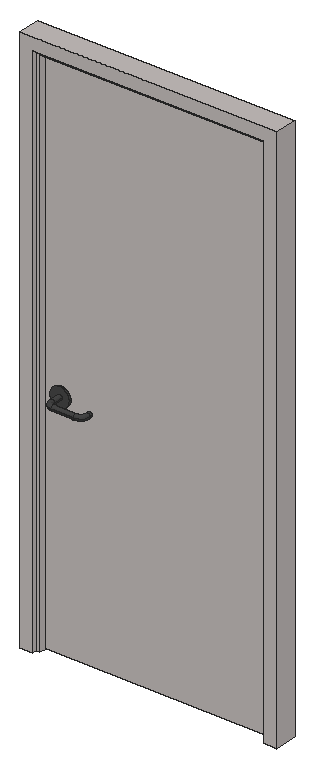
Revit family "Galaxy-Metal-Doors_Single", category Doors, host Wall, Revit 2026
Family settings
  Host = Wall
  Classification Number = 23.30.10.14.11
  Always vertical = Yes
  Cut with Voids When Loaded = No
  Shared = No
  Room Calculation Point = No
Parameters (values of type "ByType")
  Wind Load = ""
  Water Penetration = ""
  Stop Depth = 0' - 0 5/8"
  Sound Transmission Class (STC) = 0
  RO Offset = 0' - 0"
  Panel Type [instance] = Door-Panel_Galaxy-Metal-Doors_Flush : Door-Panel_Galaxy-Metal-Doors_Flush
  Panel Height = Height  # 7' - 0"
  Hardware Finish = Metal - Stainless Steel - Galaxy - Brushed
  Handle Type [instance] = Handle_Generic Lever : Handle_Generic Lever
  Handle Height [instance] = 3' - 0"
  Function = Interior
  Frame Width = 0' - 2"
  Frame Thickness = 0' - 3 1/2"
  Frame Finish = Metal - Steel - Galaxy - Primed
  Door Glazing = Glass - Clear - Galaxy - Tempered
  Building Code Conformance = ""
  Back Rabbet Depth = Thickness + 0' 0 3/16"  # 0' - 1 15/16"
  Air Infiltration = ""
  ASTM Conformance = ""
  Panel Width = Width  # 3' - 0"
  Panel Material = Metal - Steel - Galaxy - Primed
  Manufacturer Phone = "800-294-8199"
  Warranty Duration (Years) = 0
  URL = "galaxymetalproducts.com"
  Thickness = 0' - 1 3/4"
  Test Data = ""
  Specification = "http://www.arcat.com/sd/clients/galaxyme.html?coid=48404"
  SpecWizard = ""
  Send Message = "http://www.arcat.com/arcatcos/cos48/arc48404.html"
  Sales Information = "http://www.arcat.com/arcatcos/cos48/arc48404.html"
  Rough Width = (Width + (RO Offset * 2))  # 3' - 0"
  Rough Height = (Height + (RO Offset))  # 7' - 0"
  R_Value = 0
  Product Properties = ""
  Product Data = "http://www.arcat.com/arcatcos/cos48/arc48404.html"
  Manufacturer Website = "http://galaxymetalproducts.com/"
  Manufacturer Phone - Toll Free = "800-294-8199"
  Manufacturer Fax = ""
  Manufacturer Address = "2960 Woodbridge Ave. Edison, NJ 08837"
  Maintenance Schedule (Months) = 0
  Installation-Fabrication = ""
  Installation Phase = ""
  Green Building-LEED = "http://www.arcat.com/green/clients/leed_data_48404.html"
  Model = "As Specified"
  Manufacturer = "Galaxy Metal Products, LLC"
  Keynote = "08 11 10"
  Height = 7' - 0"
  Wall Closure = By host
  Width = 3' - 0"
  Fire Rating = "As Specified in 08110"
  Expected Lifespan (Years) = 0
  Drawn By = "Sumex Design, Inc. / Robert S. Weygant, CSI, CDT, SCIP"
  Description = "Galaxy Steel Door as Specified"
  Copyright = "©Arcat Inc."
  Construction Details = "http://www.arcat.com/details/galaxyme/prod3845.html"
  Building Codes = ""
  Assembly Code = "B2030220"
  ADA Compliant = yes
  AAMA Designation = ""
Reference planes (in)
  plane 1 "Center (Front/Back)": y = -33.96225
  plane 2 "Center (Left/Right)": x = 62.28704
  plane 3: z = 0
  plane 4 "Right": x = 82.28704
  plane 5 "Left": x = 42.28704
  plane 6 "Closure": y = -35.96225
  plane 7: z = 0
  plane 8 "Top of Frame": z = 86
  plane 9 "RO Top": z = 86
  plane 10 "RO Right": x = 82.28704
  plane 11 "RO Left": x = 42.28704
  plane 12 "Frame Ext": y = -32.21225
  plane 13 "Frame Int": y = -35.71225
  plane 14: x = 80.28704
  plane 15: z = 84
  plane 16: x = 44.28704
  plane 17: y = -33.96225
  plane 18: z = 36
Forms (in)
  Sweep 1, solid, material "Metal - Steel - Galaxy - Primed" <- "Frame Finish"
    path origin (0, -33.96225, 0) x (1, 0, 0) y (0, 0, 1)
      loop
        line (82.28704, 0) -> (82.28704, 86) -> (42.28704, 86) -> (42.28704, 0)
    profile "P_Frame_DoubleRabbet : P_Frame_DoubleRabbet" origin (82.28704, -33.96225, 43) x (-1, 0, 0) y (0, -1, 0)
      loop
        line (0, -1.75) -> (2, -1.75) -> (2, 0.1875) -> (2.625, 0.1875) -> (2.625, 1.0625) -> (2, 1.0625) -> (2, 1.75) -> (0, 1.75) -> (0, -1.75)
Lines and regions (in)
  Opening 1
    outline origin (-109.33485, -35.96225, 0) x (1, 0, 0) y (0, 0, 1)
      loop
        line (151.62189, 0) -> (191.62189, 0) -> (191.62189, 86) -> (151.62189, 86) -> (151.62189, 0)
Text (in)
  text "Exterior" at (10.57594, -7.14554, 0), in view "A101 - Plan View"
  text "Interior" at (10.57594, -59.60024, 0), in view "A101 - Plan View"
  text "Exterior" at (0, -17.98638, 123.01588), in view "Right"
  text "Interior" at (0, -64.39139, 123.01588), in view "Right"
  text "Interior" at (0, -52.09468, 121.14095), in view "Left"
  text "Exterior" at (0, 26.35325, 123.00693), in view "Left"
Dimensions and locks (in)
  equal spacing: plane 4 "Right", plane 2 "Center (Left/Right)", plane 5 "Left"
  "RO Offset": plane 5 "Left" to plane 11 "RO Left"
  "RO Offset": plane 10 "RO Right" to plane 4 "Right"
  "RO Offset": plane 9 "RO Top" to plane 8 "Top of Frame"
  "Frame Thickness": plane 12 "Frame Ext" to plane 13 "Frame Int"
  equal spacing: plane 12 "Frame Ext", plane 1 "Center (Front/Back)", plane 13 "Frame Int"
  "Frame Width": plane 5 "Left" to plane 16
  "Frame Width": plane 14 to plane 4 "Right"
  "Frame Width": plane 15 to plane 8 "Top of Frame"
  "Width": plane 16 to plane 14
  "Height": level to plane 15
  "Thickness": plane 12 "Frame Ext" to plane 17
  "Handle Height": level to plane 18
  locked: plane 16 to nested 2 at 3
  locked: plane 16 to nested 3 at 3
  aligned and locked: host wall to plane 1 "Center (Front/Back)"
  aligned and locked: host wall to plane 6 "Closure"
  aligned and locked: nested 1 to plane 14
  aligned and locked: plane 12 "Frame Ext" to nested 1
  aligned and locked: nested 2 to plane 18
  aligned and locked: plane 18 to nested 3
Automatic sketch dimensions
  Opening 1 sketch curve to plane 9 "RO Top" = 0' - 0"
  Opening 1 sketch curve to plane 11 "RO Left" = 0' - 0"
  Opening 1 sketch curve to plane 10 "RO Right" = 0' - 0"
  Opening 1 sketch curve to level = 0' - 0"
  Sweep 1 sketch curve to plane 5 "Left" = 0' - 0"
  Sweep 1 sketch curve to plane 4 "Right" = 0' - 0"
  Sweep 1 sketch curve to level = 0' - 0"  (x2)
  Sweep 1 sketch curve to plane 8 "Top of Frame" = 0' - 0"
Nested families (in)
  nested 1: "Door-Panel_Galaxy-Metal-Doors_Flush" at (62.28704, -33.08725, 0), Panel Material <- "Panel Material", Width <- "Panel Width", Thickness <- "Thickness", Height <- "Panel Height", Door Glazing <- "Door Glazing", type <- "Panel Type", type "Door-Panel_Galaxy-Metal-Doors_Flush"
    with offset 0' - 0", Width 3' - 0", Thickness 0' - 1 3/4", Panel Material Metal - Steel - Galaxy - Primed, Height 7' - 0", Door Glazing Glass - Clear - Galaxy - Tempered
  nested 2: "Handle_Generic Lever" at (47.28704, -32.21225, 36) x (-1, 0, 0) z (0, 1, 0), type <- "Handle Type", Material <- "Hardware Finish", type "Handle_Generic Lever"
    with Material Metal - Stainless Steel - Galaxy - Brushed
  nested 3: "Handle_Generic Lever" at (47.28704, -33.96225, 36) x (-1, 0, 0) z (0, -1, 0), type <- "Handle Type", Material <- "Hardware Finish", type "Handle_Generic Lever"
    with Material Metal - Stainless Steel - Galaxy - Brushed
Definition of nested family "Door-Panel_Galaxy-Metal-Doors_Flush"
  Parameters
    offset [instance] = 0' - 0"
    Width [instance] = 3' - 0"
    Warranty Duration (Years) = 0
    URL = "galaxymetalproducts.com"
    Thickness [instance] = 0' - 2"
    Specification = "http://www.arcat.com/sd/clients/galaxyme.html?coid=48404"
    SpecWizard = ""
    Send Message = "http://www.arcat.com/arcatcos/cos48/arc48404.html"
    Sales Information = "http://www.republicdoor.com/contacts.htm"
    Revision = "R1_04-2017"
    Product Properties = ""
    Product Data = "http://www.arcat.com/arcatcos/cos35/arc35153.html?isac=1&r=1"
    Panel Material [instance] = none
    Model = "As Specified"
    Manufacturer Website = "http://galaxymetalproducts.com/"
    Manufacturer Phone - Toll Free = "800-294-8199"
    Manufacturer Phone = "800-294-8199"
    Manufacturer Fax = ""
    Manufacturer Address = "2960 Woodbridge Ave. Edison, NJ 08837"
    Manufacturer = "Galaxy Metal Products, LLC"
    Maintenance Schedule (Months) = 0
    Keynote = ""
    Installation-Fabrication = ""
    Installation Phase = ""
    Height [instance] = 7' - 0"
    Green Building-LEED = "http://www.arcat.com/green/clients/leed_data_48404.html"
    Function = (empty or 0)
    Expected Lifespan (Years) = 0
    Drawn By = "Sumex Design, Inc. / Robert S. Weygant, CSI, CDT, SCIP"
    Door Glazing [instance] = none
    Description = ""
    Copyright = "©Arcat Inc."
    Construction Details = "http://www.arcat.com/details/galaxyme/prod3845.html"
    Assembly Code = ""
  Reference planes (in)
    plane 1 "Center (Front/Back)": y = 0
    plane 2 "Bottom": z = 0
    plane 3 "Center (Left/Right)": x = 0
    plane 4 "Front": y = -1
    plane 5 "Back": y = 1
    plane 6 "Left": x = -18
    plane 7 "Right": x = 18
    plane 8 "Top": z = 84
    plane 9: z = 42
  Forms (in)
    Extrusion 1, solid, material <- "Panel Material"
      sketch origin (-11.94222, 1, 48) x (-1, 0, 0) y (0, 0, 1)
        loop
          line (6.05778, 36) -> (-29.94222, 36) -> (-29.94222, -48) -> (6.05778, -48) -> (6.05778, 36)
      from 0 to -2
  Lines and regions (in)
    symbolic lines
      curve 1: arc (-18, 1, 0) -> (-7.45584, 26.45584, 0) -> (18, 37, 0) r 36
      curve 2: line (18, 1, 0) -> (16, 1, 0)
      curve 3: line (18, 37, 0) -> (18, 1, 0)
      curve 4: line (16, 37, 0) -> (18, 37, 0)
      curve 5: line (16, 1, 0) -> (16, 37, 0)
      curve 6: line (-18, 0, 84) -> (18, 0, 42)
      curve 7: line (18, 0, 42) -> (-18, 0, 0)
  Dimensions and locks (in)
    equal spacing: plane 6 "Left", plane 3 "Center (Left/Right)", plane 7 "Right"
    "Width": plane 6 "Left" to plane 7 "Right"
    equal spacing: plane 5 "Back", plane 1 "Center (Front/Back)", plane 4 "Front"
    "Thickness": plane 5 "Back" to plane 4 "Front"
    "Height": plane 8 "Top" to plane 2 "Bottom"
    "Width": curve 4 to plane 5 "Back"
    "Thickness": curve 5 to plane 7 "Right"
    equal spacing: plane 8 "Top", plane 9, level
    aligned and locked: Extrusion 1 to plane 4 "Front"
    aligned and locked: plane 2 "Bottom" to level
  Automatic sketch dimensions
    Extrusion 1 sketch curve to plane 7 "Right" = 0' - 0"
    Extrusion 1 sketch curve to level = 0' - 0"
    Extrusion 1 sketch curve to plane 6 "Left" = 0' - 0"
    Extrusion 1 sketch curve to plane 8 "Top" = 0' - 0"
    curve 1 to plane 5 "Back" = 0' - 0"
    curve 1 to plane 6 "Left" = 0' - 0"
    curve 5 to plane 5 "Back" = 0' - 0"
    curve 3 to plane 7 "Right" = 0' - 0"
    curve 7 to level = 0' - 0"
    curve 7 to plane 6 "Left" = 0' - 0"
    curve 6 to plane 6 "Left" = 0' - 0"
    curve 6 to plane 7 "Right" = 0' - 0"
    curve 6 to plane 9 = 0' - 0"
    curve 6 to plane 8 "Top" = 0' - 0"
Definition of nested family "Handle_Generic Lever"
  Parameters
    Material [instance] = none
    Default Elevation = 4' - 0"
  Reference planes (in)
    plane 1 "Center (Front/Back)": y = 0
    plane 2: z = 0
    plane 3 "Center (Left/Right)": x = 0
  Forms (in)
    Sweep 1, solid, material <- "Material"
      path origin (0, 0, 0) x (1, 0, 0) y (0, 0, 1)
        loop
          line (0, 0) -> (0, 1.76511)
          arc (0, 1.76511) -> (-0.29289, 2.47221) -> (-1, 2.76511) r 1
          line (-1, 2.76511) -> (-4.5, 2.76511)
          arc (-4.5, 2.76511) -> (-5.20711, 2.47221) -> (-5.5, 1.76511) r 1
          line (-5.5, 1.76511) -> (-5.5, 1.26511)
      profile origin (0, 0, 0.88255) x (-1, 0, 0) y (0, -1, 0)
        loop
          circle (0, 0) r 0.375
    Extrusion 2, solid, material <- "Material"
      sketch origin (0, 0, 0) x (1, 0, 0) y (0, 1, 0)
        loop
          circle (0, 0) r 1.5
      from 0 to 0.25
  Cuts and joins
    joined: Sweep 1, Extrusion 2
